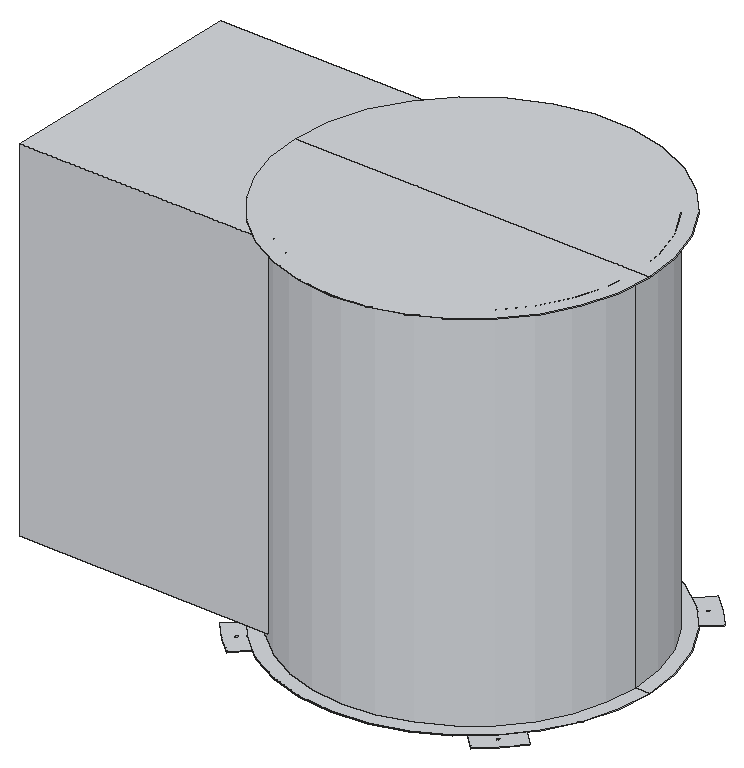
Revit family "VAB_Downblast_Floor_Mount", category Mechanical Equipment, Revit 2019
Family settings
  Round Connector Dimension = Use Radius
  Part Type = Normal
  Work Plane-Based = No
  Always vertical = Yes
  Cut with Voids When Loaded = No
  Shared = No
  Room Calculation Point = No
Parameters (values of type "60_VAB_DOWNBLAST_FLOOR")
  Unit Weight [instance] = ""
  ModelID [instance] = ""
  L/2 = L / 2  # 2' - 0 7/32"
  J/2 = J / 2  # 2' - 10 1/4"
  J-A = J - A  # 0' - 8 1/2"
  J = 5' - 8 1/2"
  K/2 = K / 2  # 0' - 0 7/32"
  K = 0' - 0 7/16"
  L-(C/2) = L - (C / 2)  # 1' - 4 13/16"
  L = 4' - 0 7/16"
  H-(A/2) = H - (A / 2)  # 2' - 11"
  H+L = H + L  # 9' - 5 7/16"
  H = 5' - 5"
  Sones [instance] = ""
  Motor RPM [instance] = ""
  Motor Enclosure [instance] = ""
  LwA [instance] = ""
  G = 16' - 0"
  Fan RPM [instance] = ""
  F/2 = F / 2  # 0' - 0 9/32"
  F = 0' - 0 9/16"
  E/2 = E / 2  # 2' - 10 1/2"
  E-2" = E - 0' 2"  # 5' - 7"
  E-.125" = E - 0' 0 1/8"  # 5' - 8 7/8"
  E = 5' - 9"
  C/2+L = C / 2 + L  # 6' - 8 1/16"
  C/2 = C / 2  # 2' - 7 5/8"
  C = 5' - 3 1/4"
  B/2 = B / 2  # 2' - 8 23/32"
  B = 5' - 5 7/16"
  Accessories [instance] = ""
  A/3 = A / 2.5  # 2' - 0"
  A/2 = A / 2  # 2' - 6"
  A = 5' - 0"
  60 = 60.00°  # constant formula
  45 = 45.00°
  30 = 30.00°  # constant formula
  3" = 0' - 3"  # constant formula
  Brake Hp [instance] = ""
  4" = 0' - 4"  # constant formula
  2' = 2' - 0"
  2" = 0' - 2"  # constant formula
  1" = 0' - 1"  # constant formula
  0 = 0' - 0"  # constant formula
  Voltage [instance] = 0 V
  URL = "www.lorencook.com"
  Type Comments = "Fixed Pitch Vane Axial Downblast Floor Mount Belt Drive Arrangement 9"  # constant formula
  Static Pressure [instance] = 0.00 in-wg
  Power [instance] = Voltage * Motor FLA * sqrt(if(Phase = 3, 3, 1))  # 0 VA
  Phase [instance] = 0
  Number of Poles [instance] = 1
  Motor Hp [instance] = "0"
  Motor FLA [instance] = 0 A
  Model = "VAB"  # constant formula
  Manufacturer = "Loren Cook Company"
  CFM [instance] = 0 CFM
  1.5 = 0' - 1 1/2"  # constant formula
  ONE EIGTH = 0' - 0 1/8"  # constant formula
  -E/2 = -E / 2  # -2' - 10 1/2"
  -(E-.25")/2 = -(E - 0' 0 1/4") / 2  # -2' - 10 3/8"
  (L/2)-1" = (L / 2) - 0' 1"  # 1' - 11 7/32"
  (J-A)/2 = (J - A) / 2  # 0' - 4 1/4"
  (J+(J-A))/2 = (J + (J / 2 - A / 2)) / 2  # 3' - 0 3/8"
  (H-(A/2))/2 = (H - (A / 2)) / 2  # 1' - 5 1/2"
  (E-.25")/2 = (E - 0' 0 1/4") / 2  # 2' - 10 3/8"
  (A+.25")/2 = (A + 0' 0 1/4") / 2  # 2' - 6 1/8"
Types (12): name | L/2 | J/2 | J-A | J | K/2 | K | L-(C/2) | L | H-(A/2) | H+L | H | G | F/2 | F | E/2 | E-2" | E-.125" | E | C/2+L | C/2 | C | B/2 | B | A/3 | A/2 | A | -E/2 | -(E-.25")/2 | (L/2)-1" | (J-A)/2 | (J+(J-A))/2 | (H-(A/2))/2 | (E-.25")/2 | (A+.25")/2
  (no name) | 2' - 0 7/32" | 2' - 10 1/4" | 0' - 8 1/2" | 5' - 8 1/2" | 0' - 0 7/32" | 0' - 0 7/16" | 1' - 4 13/16" | 4' - 0 7/16" | 2' - 11" | 9' - 5 7/16" | 5' - 5" | 16' - 0" | 0' - 0 9/32" | 0' - 0 9/16" | 2' - 10 1/2" | 5' - 7" | 5' - 8 7/8" | 5' - 9" | 6' - 8 1/16" | 2' - 7 5/8" | 5' - 3 1/4" | 2' - 8 23/32" | 5' - 5 7/16" | 2' - 0" | 2' - 6" | 5' - 0" | -2' - 10 1/2" | -2' - 10 3/8" | 1' - 11 7/32" | 0' - 4 1/4" | 3' - 0 3/8" | 1' - 5 1/2" | 2' - 10 3/8" | 2' - 6 1/8"
  12_VAB_DOWNBLAST_FLOOR | 0' - 6 3/32" | 0' - 8 5/8" | 0' - 5 1/4" | 1' - 5 1/4" | 0' - 0 3/16" | 0' - 0 3/8" | 0' - 5 1/2" | 1' - 0 3/16" | 1' - 3" | 2' - 9 3/16" | 1' - 9" | 6' - 0" | 0' - 0 5/32" | 0' - 0 5/16" | 0' - 10" | 1' - 6" | 1' - 7 7/8" | 1' - 8" | 1' - 6 7/8" | 0' - 6 11/16" | 1' - 1 3/8" | 0' - 7 3/8" | 1' - 2 3/4" | 0' - 4.8" | 0' - 6" | 1' - 0" | -0' - 10" | -0' - 9 7/8" | 0' - 5 3/32" | 0' - 2 5/8" | 0' - 9 15/16" | 0' - 7 1/2" | 0' - 9 7/8" | 0' - 6 1/8"
  14_VAB_DOWNBLAST_FLOOR | 0' - 6 13/16" | 0' - 9 5/8" | 0' - 5 1/4" | 1' - 7 1/4" | 0' - 0 3/16" | 0' - 0 3/8" | 0' - 5 7/8" | 1' - 1 5/8" | 1' - 5" | 3' - 1 5/8" | 2' - 0" | 6' - 0" | 0' - 0 5/32" | 0' - 0 5/16" | 0' - 11 1/2" | 1' - 9" | 1' - 10 7/8" | 1' - 11" | 1' - 9 3/8" | 0' - 7 3/4" | 1' - 3 1/2" | 0' - 8 3/8" | 1' - 4 3/4" | 0' - 5.6" | 0' - 7" | 1' - 2" | -0' - 11 1/2" | -0' - 11 3/8" | 0' - 5 13/16" | 0' - 2 5/8" | 0' - 10 15/16" | 0' - 8 1/2" | 0' - 11 3/8" | 0' - 7 1/8"
  18_VAB_DOWNBLAST_FLOOR | 0' - 8 7/32" | 0' - 11 5/8" | 0' - 5 1/4" | 1' - 11 1/4" | 0' - 0 3/16" | 0' - 0 3/8" | 0' - 6 9/16" | 1' - 4 7/16" | 1' - 6 1/4" | 3' - 7 11/16" | 2' - 3 1/4" | 12' - 0" | 0' - 0 7/32" | 0' - 0 7/16" | 1' - 2 1/2" | 2' - 3" | 2' - 4 7/8" | 2' - 5" | 2' - 2 5/16" | 0' - 9 7/8" | 1' - 7 3/4" | 0' - 10 5/8" | 1' - 9 1/4" | 0' - 7.2" | 0' - 9" | 1' - 6" | -1' - 2 1/2" | -1' - 2 3/8" | 0' - 7 7/32" | 0' - 2 5/8" | 1' - 0 15/16" | 0' - 9 1/8" | 1' - 2 3/8" | 0' - 9 1/8"
  21_VAB_DOWNBLAST_FLOOR | 0' - 9 9/32" | 1' - 1 1/8" | 0' - 5 1/4" | 2' - 2 1/4" | 0' - 0 3/16" | 0' - 0 3/8" | 0' - 7 3/16" | 1' - 6 9/16" | 1' - 9" | 4' - 2 1/16" | 2' - 7 1/2" | 12' - 0" | 0' - 0 7/32" | 0' - 0 7/16" | 1' - 3 1/2" | 2' - 5" | 2' - 6 7/8" | 2' - 7" | 2' - 5 15/16" | 0' - 11 3/8" | 1' - 10 3/4" | 1' - 0 1/8" | 2' - 0 1/4" | 0' - 8.4" | 0' - 10 1/2" | 1' - 9" | -1' - 3 1/2" | -1' - 3 3/8" | 0' - 8 9/32" | 0' - 2 5/8" | 1' - 2 7/16" | 0' - 10 1/2" | 1' - 3 3/8" | 0' - 10 5/8"
  26_VAB_DOWNBLAST_FLOOR | 0' - 11 3/32" | 1' - 3 11/16" | 0' - 5 3/8" | 2' - 7 3/8" | 0' - 0 3/16" | 0' - 0 3/8" | 0' - 8 3/16" | 1' - 10 3/16" | 1' - 9 1/2" | 4' - 8 11/16" | 2' - 10 1/2" | 12' - 0" | 0' - 0 7/32" | 0' - 0 7/16" | 1' - 4" | 2' - 6" | 2' - 7 7/8" | 2' - 8" | 3' - 0 3/16" | 1' - 2" | 2' - 4" | 1' - 3 5/32" | 2' - 6 5/16" | 0' - 10.4" | 1' - 1" | 2' - 2" | -1' - 4" | -1' - 3 7/8" | 0' - 10 3/32" | 0' - 2 11/16" | 1' - 5 1/32" | 0' - 10 3/4" | 1' - 3 7/8" | 1' - 1 1/8"
  29_VAB_DOWNBLAST_FLOOR | 1' - 0 1/2" | 1' - 5 11/16" | 0' - 6 3/8" | 2' - 11 3/8" | 0' - 0 7/32" | 0' - 0 7/16" | 0' - 9 1/2" | 2' - 1" | 2' - 2" | 5' - 5 1/2" | 3' - 4 1/2" | 12' - 0" | 0' - 0 7/32" | 0' - 0 7/16" | 1' - 6" | 2' - 10" | 2' - 11 7/8" | 3' - 0" | 3' - 4 1/2" | 1' - 3 1/2" | 2' - 7" | 1' - 4 21/32" | 2' - 9 5/16" | 0' - 11.6" | 1' - 2 1/2" | 2' - 5" | -1' - 6" | -1' - 5 7/8" | 0' - 11 1/2" | 0' - 3 3/16" | 1' - 7 9/32" | 1' - 1" | 1' - 5 7/8" | 1' - 2 5/8"
  36_VAB_DOWNBLAST_FLOOR | 1' - 3 11/32" | 1' - 9 11/16" | 0' - 7 3/8" | 3' - 7 3/8" | 0' - 0 7/32" | 0' - 0 7/16" | 0' - 11 11/16" | 2' - 6 11/16" | 2' - 3 1/2" | 6' - 4 3/16" | 3' - 9 1/2" | 16' - 0" | 0' - 0 9/32" | 0' - 0 9/16" | 1' - 9" | 3' - 4" | 3' - 5 7/8" | 3' - 6" | 4' - 1 11/16" | 1' - 7" | 3' - 2" | 1' - 8 5/32" | 3' - 4 5/16" | 1' - 2.4" | 1' - 6" | 3' - 0" | -1' - 9" | -1' - 8 7/8" | 1' - 2 11/32" | 0' - 3 11/16" | 1' - 11 17/32" | 1' - 1 3/4" | 1' - 8 7/8" | 1' - 6 1/8"
  42_VAB_DOWNBLAST_FLOOR | 1' - 5 3/32" | 2' - 0 3/16" | 0' - 6 3/8" | 4' - 0 3/8" | 0' - 0 7/32" | 0' - 0 7/16" | 1' - 0" | 2' - 10 3/16" | 2' - 5 1/2" | 7' - 0 11/16" | 4' - 2 1/2" | 16' - 0" | 0' - 0 9/32" | 0' - 0 9/16" | 2' - 1" | 4' - 0" | 4' - 1 7/8" | 4' - 2" | 4' - 8 3/8" | 1' - 10 3/16" | 3' - 8 3/8" | 1' - 10 21/32" | 3' - 9 5/16" | 1' - 4.8" | 1' - 9" | 3' - 6" | -2' - 1" | -2' - 0 7/8" | 1' - 4 3/32" | 0' - 3 3/16" | 2' - 1 25/32" | 1' - 2 3/4" | 2' - 0 7/8" | 1' - 9 1/8"
  48_VAB_DOWNBLAST_FLOOR | 1' - 7 15/16" | 2' - 4 3/16" | 0' - 8 3/8" | 4' - 8 3/8" | 0' - 0 7/32" | 0' - 0 7/16" | 1' - 2 5/8" | 3' - 3 7/8" | 2' - 6" | 7' - 9 7/8" | 4' - 6" | 16' - 0" | 0' - 0 9/32" | 0' - 0 9/16" | 2' - 4" | 4' - 6" | 4' - 7 7/8" | 4' - 8" | 5' - 5 1/8" | 2' - 1 1/4" | 4' - 2 1/2" | 2' - 2 19/32" | 4' - 5 3/16" | 1' - 7.2" | 2' - 0" | 4' - 0" | -2' - 4" | -2' - 3 7/8" | 1' - 6 15/16" | 0' - 4 3/16" | 2' - 6 9/32" | 1' - 3" | 2' - 3 7/8" | 2' - 0 1/8"
  54_VAB_DOWNBLAST_FLOOR | 1' - 10 3/32" | 2' - 7 1/4" | 0' - 8 1/2" | 5' - 2 1/2" | 0' - 0 7/32" | 0' - 0 7/16" | 1' - 3 15/16" | 3' - 8 3/16" | 2' - 8 1/2" | 8' - 7 11/16" | 4' - 11 1/2" | 16' - 0" | 0' - 0 9/32" | 0' - 0 9/16" | 2' - 7" | 5' - 0" | 5' - 1 7/8" | 5' - 2" | 6' - 0 7/16" | 2' - 4 1/4" | 4' - 8 1/2" | 2' - 5 23/32" | 4' - 11 7/16" | 1' - 9.6" | 2' - 3" | 4' - 6" | -2' - 7" | -2' - 6 7/8" | 1' - 9 3/32" | 0' - 4 1/4" | 2' - 9 3/8" | 1' - 4 1/4" | 2' - 6 7/8" | 2' - 3 1/8"
  60_VAB_DOWNBLAST_FLOOR | 2' - 0 7/32" | 2' - 10 1/4" | 0' - 8 1/2" | 5' - 8 1/2" | 0' - 0 7/32" | 0' - 0 7/16" | 1' - 4 13/16" | 4' - 0 7/16" | 2' - 11" | 9' - 5 7/16" | 5' - 5" | 16' - 0" | 0' - 0 9/32" | 0' - 0 9/16" | 2' - 10 1/2" | 5' - 7" | 5' - 8 7/8" | 5' - 9" | 6' - 8 1/16" | 2' - 7 5/8" | 5' - 3 1/4" | 2' - 8 23/32" | 5' - 5 7/16" | 2' - 0" | 2' - 6" | 5' - 0" | -2' - 10 1/2" | -2' - 10 3/8" | 1' - 11 7/32" | 0' - 4 1/4" | 3' - 0 3/8" | 1' - 5 1/2" | 2' - 10 3/8" | 2' - 6 1/8"
Reference planes (in)
  plane 1 "Center (Front/Back)": y = 0
  plane 2: z = 0
  plane 3 "Center (Left/Right)": x = 0.40541
Forms (in)
  Revolve 1, solid
    sketch origin (0, 0, 0) x (1, 0, 0) y (0, 0, 1)
      loop
        line (0.40541, 0) -> (33.12416, 0) -> (33.12416, 0.125) -> (30.53041, 0.125) -> (30.53041, 68.875) -> (33.12416, 68.875) -> (33.12416, 69) -> (0.40541, 69) -> (0.40541, 0)
      axis (0.40541, 69) -> (0.40541, 0)
    angle from 0 to 360
  Extrusion 2, solid
    sketch origin (0, 0, 0) x (1, 0, 0) y (0, 1, 0)
      loop
        line (-18.78847, 23.21875) -> (-64.59459, 23.21875) -> (-64.59459, -23.21875) -> (-18.78847, -23.21875)
        arc (-18.78847, -23.21875) -> (-29.71959, 0) -> (-18.78847, 23.21875) r 30.125
    from 2 to 67 <- "E-2""
  Extrusion 3, solid
    sketch origin (0, 0, 0) x (1, 0, 0) y (0, 1, 0)
      loop
        line (-19.52902, 25.94484) -> (-22.13423, 28.55005)
        arc (-22.13423, 28.55005) -> (-25.3156, 25.72101) -> (-28.14464, 22.53964) r 36.375
        line (-28.14464, 22.53964) -> (-25.53943, 19.93444)
        arc (-25.53943, 19.93444) -> (-22.73024, 23.13565) -> (-19.52902, 25.94484) r 32.71875
      loop
        arc (20.33985, 25.94484) -> (23.54106, 23.13565) -> (26.35026, 19.93444) r 32.71875
        line (26.35026, 19.93444) -> (28.95546, 22.53964)
        arc (28.95546, 22.53964) -> (26.12642, 25.72101) -> (22.94505, 28.55005) r 36.375
        line (22.94505, 28.55005) -> (20.33985, 25.94484)
      loop
        line (20.33985, -25.94484) -> (22.94505, -28.55005)
        arc (22.94505, -28.55005) -> (26.12642, -25.72101) -> (28.95546, -22.53964) r 36.375
        line (28.95546, -22.53964) -> (26.35026, -19.93444)
        arc (26.35026, -19.93444) -> (23.54106, -23.13565) -> (20.33985, -25.94484) r 32.71875
      loop
        arc (-19.52902, -25.94484) -> (-22.73024, -23.13565) -> (-25.53943, -19.93444) r 32.71875
        line (-25.53943, -19.93444) -> (-28.14464, -22.53964)
        arc (-28.14464, -22.53964) -> (-25.3156, -25.72101) -> (-22.13423, -28.55005) r 36.375
        line (-22.13423, -28.55005) -> (-19.52902, -25.94484)
    from 0 to 0.125
  Extrusion 4, void
    sketch origin (0, 0, 0) x (1, 0, 0) y (0, 1, 0)
      loop
        circle (24.62416, 24.21875) r 0.21875
      loop
        circle (-23.81334, 24.21875) r 0.21875
      loop
        circle (-23.81334, -24.21875) r 0.21875
      loop
        circle (24.62416, -24.21875) r 0.21875
    from 0 to 69 <- "E"
Cuts and joins
  Extrusion 4 cuts Revolve 1
  Extrusion 4 cuts Extrusion 2
  Extrusion 4 cuts Extrusion 3
Dimensions and locks (in)
  "0": Revolve 1 sketch curve to plane 3 "Center (Left/Right)"  (x2)
  "E": Revolve 1 sketch curve to Revolve 1 sketch curve
  "0": Revolve 1 sketch curve to level
  "ONE EIGTH": Revolve 1 sketch curve to Revolve 1 sketch curve  (x2)
  "(A+.25")/2": Revolve 1 sketch curve to Revolve 1 sketch curve
  "B/2": Revolve 1 sketch curve to Revolve 1 sketch curve  (x2)
  "(L/2)-1"": plane 1 "Center (Front/Back)" to Extrusion 2 sketch curve
  "(L/2)-1"": Extrusion 2 sketch curve to plane 1 "Center (Front/Back)"
  "H": Extrusion 2 sketch curve to plane 3 "Center (Left/Right)"
  "0": Extrusion 2 sketch curve to plane 3 "Center (Left/Right)"
  "0": Extrusion 2 sketch curve to plane 1 "Center (Front/Back)"
  "(J-A)/2": plane 3 "Center (Left/Right)" to Extrusion 3 sketch curve  (x4)
  "(J-A)/2": Extrusion 3 sketch curve to plane 3 "Center (Left/Right)"  (x3)
  "0": Extrusion 3 sketch curve to plane 3 "Center (Left/Right)"  (x6)
  "0": Extrusion 3 sketch curve to plane 1 "Center (Front/Back)"  (x7)
  "0": plane 1 "Center (Front/Back)" to Extrusion 3 sketch curve
  "0": plane 3 "Center (Left/Right)" to Extrusion 3 sketch curve  (x2)
  "J-A": Extrusion 3 sketch curve to Extrusion 3 sketch curve
  "L/2": plane 3 "Center (Left/Right)" to Extrusion 4 sketch curve  (x4)
  "L/2": plane 1 "Center (Front/Back)" to Extrusion 4 sketch curve  (x4)
  "(A+.25")/2": radius of Extrusion 2 sketch curve
  "B/2": radius of Extrusion 3 sketch curve  (x4)
  "(J+(J-A))/2": radius of Extrusion 3 sketch curve  (x4)
  "K/2": radius of Extrusion 4 sketch curve  (x4)
  "45": angle plane 3 "Center (Left/Right)" to Extrusion 3 sketch curve  (x2)
  "45": angle Extrusion 3 sketch curve to plane 1 "Center (Front/Back)"  (x2)
  "45": angle Extrusion 3 sketch curve to plane 3 "Center (Left/Right)"  (x2)
  "45": angle plane 1 "Center (Front/Back)" to Extrusion 3 sketch curve  (x2)
Automatic sketch dimensions
  Revolve 1 sketch curve to level = 0' - 0"
  Revolve 1 sketch curve to Revolve 1 sketch curve = 1' - 0"
  Extrusion 2 sketch curve to Extrusion 2 sketch curve = 0' - 0"
Connectors (in)
  electrical at (-41.69153, -23.21875, 34.5)
    settings: on cut or joined group of Extrusion 2, Extrusion 4, index 1, voltage 0 V, apparent load 0 VA, apparent load phase1 0 VA, apparent load phase2 0 VA, apparent load phase3 0 VA, power factor 1, load classification "Other", number of poles 1, system type 14, power factor state 1, is connector primary yes, connector utility no, sub classification motor no, connector description ""
  hvac at (0.40541, 0, 69), driven by "A/2"
    settings: on cut or joined group of Revolve 1, Extrusion 4, index 2, duct flow 0 CFM, flow factor 0, pres drop 0.00 in-wg, loss coef 0, conn angle 0.00°, conn width 12", conn height 12", conn diameter 60", duct sys type 29, conn prof type 0, flow config 0, flow direction 1, loss method 0, conn ref index -1, conn util no, is conn primary yes, conn desc ""
  hvac at (0.40541, 0, 0.125), driven by "A/2"
    settings: on cut or joined group of Revolve 1, Extrusion 4, index 3, duct flow 0 CFM, flow factor 0, pres drop 0.00 in-wg, loss coef 0, conn angle 0.00°, conn width 12", conn height 12", conn diameter 60", duct sys type 29, conn prof type 0, flow config 0, flow direction 2, loss method 0, conn ref index -1, conn util no, is conn primary no, conn desc ""
